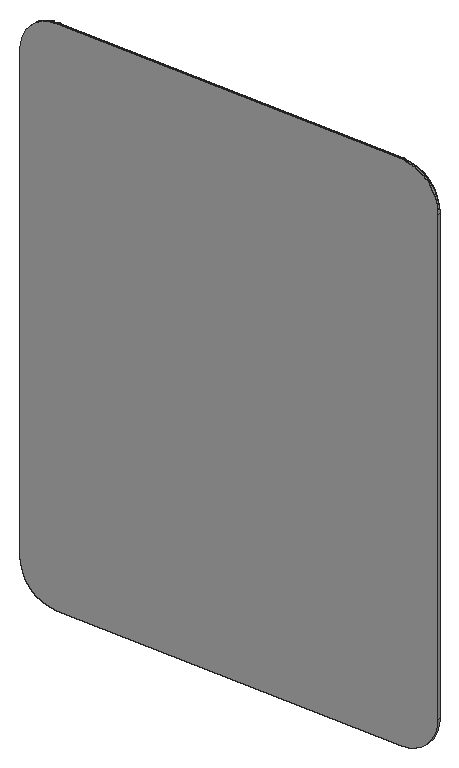
Revit family "41635Z", category Generic Models, Revit 2017
Family settings
  Can host rebar = No
  Round Connector Dimension = Use Diameter
  Part Type = Normal
  Work Plane-Based = No
  Always vertical = Yes
  Cut with Voids When Loaded = No
  Shared = No
  Room Calculation Point = No
Parameters
  Steel = Default
  Glass = Default
Reference planes
  plane 1 "Center (Front/Back)": y = 0
  plane 2: z = 0
  plane 3 "Center (Left/Right)": x = 0
  plane 4: y = 4
  plane 5: y = 4.3
Forms (mm)
  Extrusion 1, solid, material "Default" <- "Glass"
    sketch origin (-172.671, 4, 1200) x (-1, 0, 0) y (0, 0, 1)
      loop
        arc (316.356, -46.507) -> (291.236, 14.136) -> (230.593, 39.256) r 85.763
        arc (230.593, 39.256) -> (-172.671, 49.43) -> (-575.934, 39.256) r 7996.833
        arc (-575.934, 39.256) -> (-636.578, 14.136) -> (-661.697, -46.507) r 85.763
        arc (-661.697, -46.507) -> (-673.374, -575.285) -> (-661.697, -1104.062) r 11978.754
        arc (-661.697, -1104.062) -> (-636.577, -1164.708) -> (-575.932, -1189.828) r 85.765
        arc (-575.932, -1189.828) -> (-172.671, -1200) -> (230.59, -1189.828) r 7998.411
        arc (230.59, -1189.828) -> (291.236, -1164.708) -> (316.356, -1104.062) r 85.765
        arc (316.356, -1104.062) -> (328.032, -575.285) -> (316.356, -46.507) r 11978.754
    from -4 to 0
  Extrusion 2, solid, material "Default" <- "Steel"
    sketch origin (-172.671, 4, 1200) x (-1, 0, 0) y (0, 0, 1)
      loop
        arc (230.593, 39.256) -> (-172.671, 49.43) -> (-575.934, 39.256) r 7996.833
        arc (-575.934, 39.256) -> (-636.578, 14.136) -> (-661.697, -46.507) r 85.763
        arc (-661.697, -46.507) -> (-673.374, -575.285) -> (-661.697, -1104.062) r 11978.754
        arc (-661.697, -1104.062) -> (-636.577, -1164.708) -> (-575.932, -1189.828) r 85.765
        arc (-575.932, -1189.828) -> (-172.671, -1200) -> (230.59, -1189.828) r 7998.411
        arc (230.59, -1189.828) -> (291.236, -1164.708) -> (316.356, -1104.062) r 85.765
        arc (316.356, -1104.062) -> (328.032, -575.285) -> (316.356, -46.507) r 11978.754
        arc (316.356, -46.507) -> (291.236, 14.136) -> (230.593, 39.256) r 85.763
    from 0 to 0.3
Dimensions and locks
  aligned and locked: level to plane 2
